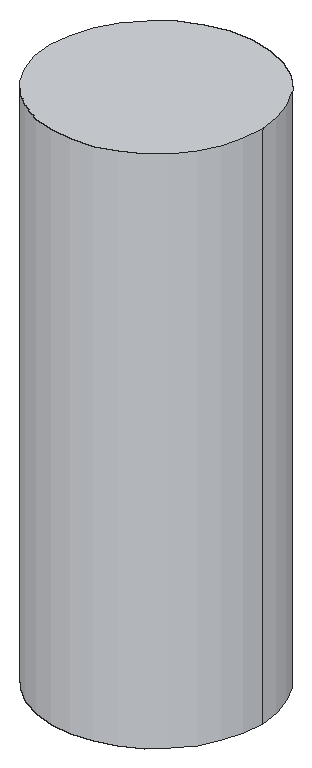
Revit family "0e61fa4e9b884974972a630a728855d0", category Plumbing Fixtures, Revit 2021
Family settings
  Round Connector Dimension = Use Diameter
  Part Type = Normal
  OmniClass Number = 23.65.35.11.11
  OmniClass Title = Storage Water Heaters
  Seek Item ID = Water Heater-0000-USA-ENU
  Work Plane-Based = No
  Always vertical = Yes
  Cut with Voids When Loaded = No
  Shared = No
  Room Calculation Point = No
Parameters (values of type "Water Heater")
  Label = "WH"
  Default Elevation = 0' - 0"
  Assembly Code = "D2020200"
  Diameter = 2' - 0"
  Height = 5' - 0"
Reference planes (in)
  plane 1: y = 0
  plane 2: z = 0
  plane 3: x = 0
Forms (in)
  Extrusion 1, solid
    sketch origin (0, 0, 0) x (1, 0, 0) y (0, 1, 0)
      loop
        circle (0, 0) r 12
    from 0 to 60
Lines and regions (in)
  Masking region 1
    outline origin (0, 0, 0) x (1, 0, 0) y (0, 1, 0)
      loop
        circle (0, 0) r 12
Dimensions and locks (in)
  "Height": Extrusion 1 to plane 2
  "Diameter": Extrusion 1 sketch curve to Extrusion 1 sketch curve
  aligned and locked: Masking region 1 sketch curve to Extrusion 1
Automatic sketch dimensions
  Extrusion 1 sketch curve to plane 1 = 0' - 0"
  Extrusion 1 sketch curve to plane 3 = 0' - 0"
Nested families (in)
  nested 1: "Label Annotation 3-32" at (0, 0, 0), type "Label Annotation 3-32"
Definition of nested family "Label Annotation 3-32"
  Parameters
    Label = ""
  Reference planes (in)
    plane 1: y = 0
    plane 2: x = 0
  Text (in)
    label "Label" at (0.00375, -0.00345, 0), shows "Label"
